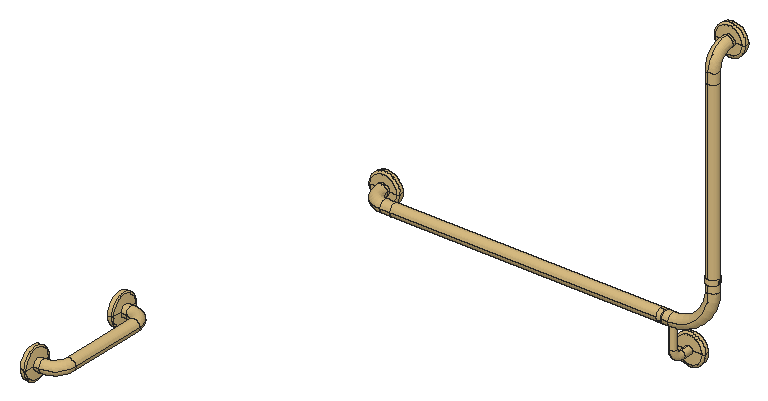
Revit family "RBA4805-300", category Plumbing Fixtures, Revit 2021
Family settings
  Round Connector Dimension = Use Diameter
  Part Type = Normal
  Work Plane-Based = No
  Always vertical = No
  Cut with Voids When Loaded = No
  Shared = No
  Room Calculation Point = No
Parameters
  Watermarked By = "www.rba.com.au"
  URL = "rba.com.au/product-category/accessible-disabled/grab-rails/"
  Phone Number = "1300 788 778"
  OFFSET = 800.00 mm
  Model = "RBA4801-300"
  Materials and Finishes = PVD Brushed Brass Stainless Steel
  Manufacturer Model = ""
  Manufacturer = "RBA Group"
  Distance Away from Wall [instance] = 100.00 mm
  Distance Away from Toilet [instance] = 1090.00 mm
  Description = "LH Accessible Rail + 300mm Straight Kit | Satin Finish"
  Default Elevation = 0.00 mm
  Copyrighted by = "RBA Group"  # constant formula
  Assembly Code = ""
Reference planes
  plane 1 "Center (Front/Back)": y = 0
  plane 2: z = 0
  plane 3: x = 40.5
  plane 4: z = 800
  plane 5: z = 1500
  plane 6: x = -59.5
  plane 7: z = 700
  plane 8: x = -909.5
  plane 9: x = -1009.5
  plane 10: y = -54
  plane 11: y = -86
  plane 12: y = -1090
  plane 13: y = -1074
  plane 14: x = -954.5
  plane 15: x = -922.5
  plane 16: z = 816
  plane 17: x = 24.5
Dimensions and locks
  "OFFSET": plane 4 to plane 2
  plane 10 to plane 1 "Center (Front/Back)" = 54.00 mm
  plane 1 "Center (Front/Back)" to plane 11 = 86.00 mm
  "Distance Away from Wall": plane 9 to plane 8
  locked: plane 13 to plane 12 at 16
  "Distance Away from Toilet": plane 1 "Center (Front/Back)" to plane 12
Nested families
  nested 1: "RBA4805-901" at (-933, 0, 800), type "RBA4805-901"
  nested 2: "RBA4805-Straight-Series" at (-1009.5, -1074, 800) x (0, 1, 0) z (0, 0, 1), type "RBA4805-030"
Definition of nested family "RBA4805-901"
  Parameters (values of type "RBA4805-901")
    Watermarked By = "www.rba.com.au"
    URL = "www.rba.com.au"
    R_Void [instance] = 15.00 mm
    R [instance] = 0.00 mm
    Phone Number = ""
    Modified Issue = ""
    Model = "RBA4805-901"
    Materials and Finishes = none
    Manufacturer Model = ""
    Manufacturer = "RBA Group"
    Description = "RTA Brushed Brass Left Hand Single Wall 90° Rail"
    Default Elevation = 0.00 mm
    Copyrighted by = "RBA Group"  # constant formula
    Assembly Code = ""
  Reference planes
    plane 1 "Center (Front/Back)": y = 0
    plane 2: z = 0
    plane 3: x = 40.5
    plane 4: x = 990.5
    plane 5: x = 515.5
    plane 6: z = 700
    plane 7: x = 835.5
    plane 8: z = -100
    plane 9: x = 974.5
    plane 10: z = 16
    plane 11: y = -70
    plane 12: y = -86
    plane 13: y = -54
    plane 14: y = -79.5
    plane 15: y = -60.5
    plane 16: z = -130
    plane 17: z = -70
    plane 18: x = 910.5
    plane 19: x = 850.5
    plane 20: z = -30
    plane 21: z = 30
    plane 22: x = 70.5
    plane 23: x = 10.5
    plane 24: z = 670
    plane 25: z = 730
    plane 26: x = 960.5
    plane 27: x = 1020.5
  Forms (mm)
    Revolve 1, solid, material <- "Materials and Finishes"
      sketch origin (40.5, 18.663, 0) x (0, -1, 0) y (1, 0, 0)
        loop
          line (18.663, 0) -> (18.663, -41.5) -> (27.844, -41.5)
          arc (27.844, -41.5) -> (31.337, -40.077) -> (32.842, -36.617) r 5
          line (32.842, -36.617) -> (33.701, 0) -> (18.663, 0)
        axis (18.663, 0) -> (33.701, 0)
      angle from 0 to 360
    Sweep 2, solid, material <- "Materials and Finishes"
      path origin (40.5, 12.454, 0) x (0, -1, 0) y (-1, 0, 0)
        loop
          line (12.454, 0) -> (34.454, 0)
          arc (34.454, 0) -> (68.395, -14.059) -> (82.454, -48) r 48
          line (82.454, -48) -> (82.454, -76)
      profile origin (40.5, -11, 0) x (1, 0, 0) y (0, 0, 1)
        loop
          circle (0, 0) r 16
    Sweep 3, solid, material <- "Materials and Finishes"
      path origin (1690.5, 12.454, 700) x (0, -1, 0) y (0, 0, 1)
        loop
          line (12.454, 0) -> (34.454, 0)
          arc (34.454, 0) -> (68.395, -14.059) -> (82.454, -48) r 48
          line (82.454, -48) -> (82.454, -76)
      profile origin (1690.5, -11, 700) x (0, 0, 1) y (-1, 0, 0)
        loop
          circle (0, 700) r 16
    Revolve 4, solid, material <- "Materials and Finishes"
      sketch origin (990.5, 18.663, 700) x (0, -1, 0) y (1, 0, 0)
        loop
          line (18.663, 0) -> (33.701, 0) -> (32.842, 36.617)
          arc (32.842, 36.617) -> (31.337, 40.077) -> (27.844, 41.5) r 5
          line (27.844, 41.5) -> (18.663, 41.5) -> (18.663, 0)
        axis (18.663, 0) -> (33.701, 0)
      angle from 0 to 360
    Sweep 5, solid, material <- "Materials and Finishes"
      path origin (0, 0, 0) x (1, 0, 0) y (0, 0, 1)
        loop
          line (116.5, 0) -> (880.5, 0)
          arc (880.5, 0) -> (958.282, 32.218) -> (990.5, 110) r 110
          line (990.5, 110) -> (990.5, 624)
      profile origin (498.5, 0, 0) x (0, 0, 1) y (0, -1, 0)
        loop
          circle (0, 70) r 16
    Revolve 6, solid, material <- "Materials and Finishes"
      sketch origin (880.5, 18.663, -100) x (0, -1, 0) y (1, 0, 0)
        loop
          line (18.663, 0) -> (18.663, -41.5) -> (27.844, -41.5)
          arc (27.844, -41.5) -> (31.337, -40.077) -> (32.842, -36.617) r 5
          line (32.842, -36.617) -> (33.701, 0) -> (18.663, 0)
        axis (18.663, 0) -> (33.701, 0)
      angle from 0 to 360
    Sweep 7, solid, material <- "Materials and Finishes"
      path origin (880.5, 12.454, -100) x (0, -1, 0) y (0, 0, -1)
        loop
          line (12.454, 0) -> (54.454, 0)
          arc (54.454, 0) -> (74.253, -8.201) -> (82.454, -28) r 28
          line (82.454, -28) -> (82.454, -100)
      profile origin (880.5, -21, -100) x (0, 0, -1) y (1, 0, 0)
        loop
          circle (0, 0) r 9.5
    Extrusion 8, solid, material <- "Materials and Finishes"
      sketch origin (0, 0, 0) x (1, 0, 0) y (0, 1, 0)
        loop
          circle (990.5, -70) r 17
      from 142 to 130
    Extrusion 9, solid, material <- "Materials and Finishes"
      sketch origin (650.5, 0, 990.5) x (0, 0, -1) y (0, 1, 0)
        loop
          circle (990.5, -70) r 17
      from 210 to 198
    Extrusion 10, solid, material <- "Materials and Finishes"
      sketch origin (788.405, -2.628, 220.6) x (0, 0, -1) y (-1, 0, 0)
        loop
          circle (320.6, -92.095) r 40
      from -0.219 to 2.628
    Extrusion 11, void
      sketch origin (880.5, 34.941, 215.907) x (0, 0, -1) y (-1, 0, 0)
        loop
          circle (315.907, -30) r 5
        loop
          circle (315.907, 30) r 5
      from -37.788 to -30
    Extrusion 12, solid, material <- "Materials and Finishes"
      sketch origin (-161.743, -2.628, 357.783) x (0, 0, -1) y (-1, 0, 0)
        loop
          circle (357.783, -202.243) r 40
      from -0.219 to 2.628
    Extrusion 13, void
      sketch origin (40.5, 34.941, 315.907) x (0, 0, -1) y (-1, 0, 0)
        loop
          circle (315.907, -30) r 5
        loop
          circle (315.907, 30) r 5
      from -37.788 to -30
    Extrusion 14, solid, material <- "Materials and Finishes"
      sketch origin (874.118, -2.628, 1036.108) x (0, 0, -1) y (-1, 0, 0)
        loop
          circle (336.108, -116.382) r 40
      from -0.219 to 2.628
    Extrusion 15, void
      sketch origin (990.5, 34.941, 1015.907) x (0, 0, -1) y (-1, 0, 0)
        loop
          circle (315.907, 30) r 5
        loop
          circle (315.907, -30) r 5
      from -37.788 to -30
  Cuts and joins
    Extrusion 11, Extrusion 13, Extrusion 15 cuts Revolve 1
    Extrusion 11, Extrusion 13, Extrusion 15 cuts Sweep 2
    Extrusion 11, Extrusion 13, Extrusion 15 cuts Sweep 3
    Extrusion 11, Extrusion 13, Extrusion 15 cuts Revolve 4
    Extrusion 11, Extrusion 13, Extrusion 15 cuts Sweep 5
    Extrusion 11, Extrusion 13, Extrusion 15 cuts Revolve 6
    Extrusion 11, Extrusion 13, Extrusion 15 cuts Sweep 7
    joined: Revolve 1, Sweep 2, Sweep 3, Revolve 4, Sweep 5, Revolve 6, Sweep 7
    Extrusion 11 cuts Extrusion 10
    Extrusion 13 cuts Extrusion 12
    Extrusion 15 cuts Extrusion 14
  Dimensions and locks
    Revolve 1 sketch curve to Revolve 1 sketch curve = 41.50 mm
    Revolve 4 sketch curve to Revolve 4 sketch curve = 41.50 mm
    Revolve 6 sketch curve to Revolve 6 sketch curve = 41.50 mm
    level to plane 8 = 100.00 mm
    plane 6 to level = 700.00 mm
    plane 4 to plane 7 = 155.00 mm
    plane 4 to plane 3 = 950.00 mm
    plane 17 to plane 16 = 60.00 mm
    plane 19 to plane 18 = 60.00 mm
    plane 21 to plane 20 = 60.00 mm
    plane 23 to plane 22 = 60.00 mm
    plane 25 to plane 24 = 60.00 mm
    plane 26 to plane 27 = 60.00 mm
    radius of Sweep 2 sketch curve = 16.00 mm
    radius of Sweep 3 sketch curve = 16.00 mm
    radius of Sweep 7 sketch curve = 9.50 mm
Definition of nested family "RBA4805-Straight-Series"
  Parameters (values of type "RBA4805-060")
    Watermarked By = "www.rba.com.au"
    URL = "www.rba.com.au"
    Phone Number = ""
    OFFSET [instance] = 800.00 mm
    Modified Issue = ""
    Model = "RBA4805-Straight-Series"
    Materials & Finishes = none
    Manufacturer = "RBA Group"  # constant formula
    Lgth = 600.00 mm
    Diameter = 32.00 mm
    Description = "RTA Brushed Brass Straight Grabrail"
    Default Elevation = 0.00 mm
    Copyright by = "RBA Group"  # constant formula
  Types (9, lengths in mm): name | URL | Phone Number | Modified Issue | Model | Lgth | Description
    RBA4805-030 | "www.rba.com.au" | "" | "20190510.1" | "RBA4000-030" | 300.00 | "Straight Grab Rail 300mm"
    RBA4805-045 | "www.rba.com.au" | "" | "20191004.01" | "RBA4000-045" | 450.00 | "Straight Grab Rail 450mm"
    RBA4805-060 | "www.rba.com.au" | "" | "" | "RBA4805-Straight-Series" | 600.00 | "RTA Brushed Brass Straight Grabrail"
    RBA4805-070 | "www.rba.com.au" | "" | "20191004.01" | "RBA4000-075" | 700.00 | "Straight Grab Rail 750mm"
    RBA4805-090 | "www.rba.com.au" | "" | "20191004.01" | "RBA4000-090" | 900.00 | "Straight Grab Rail 900mm"
    RBA4805-080 | "http://www.rba.com.au/accessible-disabled/grab-rails" | "1300 788 778" | "20191004.01" | "RBA4000-080" | 800.00 | "Straight Grab Rail 800mm"
    RBA4805-100 | "http://www.rba.com.au/accessible-disabled/grab-rails" | "1300 788 778" | "20191004.01" | "RBA4000-100" | 1000.00 | "Straight Grab Rail 1000mm"
    RBA4805-120 | "http://www.rba.com.au/accessible-disabled/grab-rails" | "1300 788 778" | "20191004.01" | "RBA4000-120" | 1200.00 | "Straight Grab Rail 1200mm"
    RBA4805-040 | "www.rba.com.au" | "" | "20191108.1" | "RBA4000-040" | 400.00 | "Straight Grab Rail 400mm"
  Reference planes
    plane 1 "Center (Front/Back)": y = 0
    plane 2: z = 0
    plane 3 "Center (Left/Right)": x = 0
    plane 4: x = 0
    plane 5: x = 0
    plane 6: y = -57
    plane 7: y = -89
    plane 8: x = 600
    plane 9: z = 16
    plane 10: z = -16
  Forms (mm)
    Sweep 1, solid, material <- "Materials & Finishes"
      path origin (-273.954, -750, 0) x (0, -1, 0) y (1, 0, 0)
        loop
          line (-740, 873.954) -> (-719, 873.954)
          arc (-719, 873.954) -> (-690.716, 862.239) -> (-679, 833.954) r 40
          line (-679, 833.954) -> (-679, 313.954)
          arc (-679, 313.954) -> (-690.716, 285.67) -> (-719, 273.954) r 40
          line (-719, 273.954) -> (-740, 273.954)
      profile origin (300, -71, 0) x (0, -1, 0) y (0, 0, 1)
        loop
          circle (0, 0) r 16
    Extrusion 2, solid, material <- "Materials & Finishes"
      sketch origin (62.5, -2.628, -315.907) x (0, 0, 1) y (1, 0, 0)
        loop
          circle (315.907, -62.5) r 40
      from -0.206 to 2.628
    Revolve 3, solid, material <- "Materials & Finishes"
      sketch origin (62.5, 18.663, 0) x (-1, 0, 0) y (0, -1, 0)
        loop
          line (62.5, 18.663) -> (104, 18.663) -> (104, 28.968)
          arc (104, 28.968) -> (103.207, 31.014) -> (101.243, 31.992) r 3.037
          arc (101.243, 31.992) -> (81.892, 33.334) -> (62.5, 33.781) r 420.249
          line (62.5, 33.781) -> (62.5, 18.663)
        axis (62.5, 18.663) -> (62.5, 33.781)
      angle from 0 to 360
    Extrusion 4, void
      sketch origin (62.704, 34.941, -270.785) x (-0.515038, 0, 0.857167) y (0.857167, 0, 0.515038)
        loop
          circle (248.952, 111.432) r 4.75
        loop
          circle (279.854, 60.002) r 4.75
      from -37.775 to -34.941
    Extrusion 5, solid, material <- "Materials & Finishes"
      sketch origin (237.5, -2.628, -315.907) x (0, 0, 1) y (1, 0, 0)
        loop
          circle (315.907, 362.5) r 40
      from -0.206 to 2.628
    Revolve 6, solid, material <- "Materials & Finishes"
      sketch origin (237.5, 18.663, 0) x (-1, 0, 0) y (0, -1, 0)
        loop
          line (-362.5, 18.663) -> (-362.5, 33.781)
          arc (-362.5, 33.781) -> (-381.892, 33.334) -> (-401.243, 31.992) r 420.249
          arc (-401.243, 31.992) -> (-403.207, 31.014) -> (-404, 28.968) r 3.037
          line (-404, 28.968) -> (-404, 18.663) -> (-362.5, 18.663)
        axis (-362.5, 18.663) -> (-362.5, 33.781)
      angle from 0 to 360
    Extrusion 7, void
      sketch origin (362.704, 34.941, -270.785) x (-0.515038, 0, 0.857167) y (0.857167, 0, 0.515038)
        loop
          circle (125.343, 317.152) r 4.75
        loop
          circle (94.441, 368.582) r 4.75
      from -37.775 to -34.941
  Cuts and joins
    Extrusion 7 cuts Sweep 1
    Extrusion 4, Extrusion 7 cuts Extrusion 2
    Extrusion 4, Extrusion 7 cuts Revolve 3
    Extrusion 7 cuts Extrusion 5
    Extrusion 7 cuts Revolve 6
    joined: Sweep 1, Extrusion 2, Revolve 3, Extrusion 5, Revolve 6
  Dimensions and locks
    "Lgth": plane 3 "Center (Left/Right)" to plane 8
    radius of Sweep 1 sketch curve = 16.00 mm
    aligned and locked: level to plane 2
    aligned and locked: Revolve 3 to Extrusion 2
    aligned and locked: Extrusion 2 to Extrusion 4
    aligned and locked: Revolve 6 to Extrusion 5
  Automatic sketch dimensions
    Sweep 1 sketch curve to plane 8 = 0.00 mm
    Sweep 1 sketch curve to plane 3 "Center (Left/Right)" = 0.00 mm
    plane 6 to Sweep 1 sketch curve = 26.00 mm  (x2)
    Sweep 1 sketch curve to plane 6 = 14.00 mm
    plane 1 "Center (Front/Back)" to Sweep 1 sketch curve = 10.00 mm  (x2)
    Sweep 1 sketch curve to profile plane = 0.00 mm  (x2)
    Extrusion 2 sketch curve to level = 0.00 mm
    Extrusion 2 sketch curve to plane 3 "Center (Left/Right)" = 0.00 mm
    plane 1 "Center (Front/Back)" to Revolve 3 sketch curve = 0.00 mm
    Revolve 3 sketch curve to plane 3 "Center (Left/Right)" = 0.00 mm  (x2)
    plane 1 "Center (Front/Back)" to Revolve 3 sketch curve = 10.305 mm
    Revolve 3 sketch curve to plane 3 "Center (Left/Right)" = 38.463 mm
    Revolve 3 sketch curve to Revolve 3 sketch curve = 3.037 mm
    Revolve 3 sketch curve to plane 1 "Center (Front/Back)" = 405.131 mm
    Revolve 3 sketch curve to Revolve 3 sketch curve = 15.118 mm
    Revolve 3 sketch curve to plane 1 "Center (Front/Back)" = 21.537 mm
    Revolve 3 sketch curve to Revolve 3 sketch curve = 0.00 mm
    plane 6 to Revolve 3 sketch curve = 13.537 mm
    Extrusion 5 sketch curve to level = 0.00 mm
    plane 8 to Extrusion 5 sketch curve = 0.00 mm
    plane 1 "Center (Front/Back)" to Revolve 6 sketch curve = 0.00 mm
    Revolve 6 sketch curve to plane 8 = 0.00 mm  (x2)
    plane 1 "Center (Front/Back)" to Revolve 6 sketch curve = 10.305 mm
    Revolve 6 sketch curve to plane 8 = 38.463 mm
    Revolve 6 sketch curve to Revolve 6 sketch curve = 3.037 mm
    Revolve 6 sketch curve to plane 1 "Center (Front/Back)" = 405.131 mm
    Revolve 6 sketch curve to Revolve 6 sketch curve = 15.118 mm
    Revolve 6 sketch curve to plane 1 "Center (Front/Back)" = 21.537 mm
    Revolve 6 sketch curve to Revolve 6 sketch curve = 0.00 mm
    plane 6 to Revolve 6 sketch curve = 13.537 mm
    Extrusion 7 sketch curve to level = 0.00 mm  (x2)
    Extrusion 7 sketch curve to plane 8 = 30.00 mm
    Extrusion 7 sketch curve to Extrusion 7 sketch curve = 30.902 mm
    Extrusion 4 sketch curve to level = 0.00 mm  (x2)
    plane 3 "Center (Left/Right)" to Extrusion 4 sketch curve = 30.00 mm
    Extrusion 4 sketch curve to Extrusion 4 sketch curve = 30.902 mm
    radius of Extrusion 2 sketch curve = 40.00 mm
    radius of Extrusion 5 sketch curve = 40.00 mm
    radius of Extrusion 7 sketch curve = 4.75 mm  (x2)
    radius of Extrusion 4 sketch curve = 4.75 mm  (x2)
